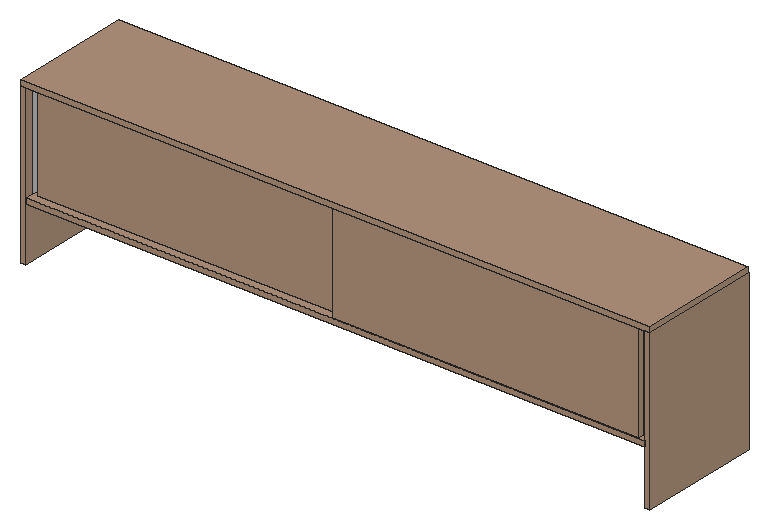
Revit family "Mounted_Storage_&_Accessories-Teknion-RSEDS_Elevated_Desktop_Cabinet_Sliding_Doors-R2019", category Furniture, Revit 2019
Family settings
  OmniClass Number = 23.40.20.00
  OmniClass Title = General Furniture and Specialties
  Work Plane-Based = No
  Always vertical = Yes
  Cut with Voids When Loaded = No
  Shared = Yes
  Room Calculation Point = No
Parameters (values of type "Single-Sided, Laminate Accessory, 16" Depth")
  Width [instance] = 84.000"
  Whiteboard = no
  Warranty = "http://www.teknion.com/ca/papers/legal-canada"
  Unit Weight URL = "http://www.teknion.com/ca/tools/assets#&asset=bee6a381-b954-425e-8283-5a2de3a804f2,f828d448-4b62-4231-9e5f-9a8991c0ed77"
  URL = "www.teknion.com"
  To render please download texture images found here [instance] = "https://assets.teknion.com/web/5e81352c1dfdb467/revit-material-swatches/"
  Sustainability Data = "https://www.teknion.com/ca/tools/assets#&topic=216f99a5-57a0-44fc-b10a-9dee9b29ae4c&asset=444deb64-fe58-4b68-981e-f75e97781df7,b4ff2d81-9f2e-437d-9659-7cffb09c31cf"
  Standard Glass Door [instance] = no
  Solid Flintwood Door [instance] = yes
  Single Sided Cover [instance] = and(Shared Configuration, [Closed With Power/Data Covers])  # no
  Shared Solid [instance] = and(Shared Configuration, not(Back Painted Glass Door))  # yes
  Shared Frame [instance] = or(Left Configuration, Right Configuration)  # no
  Shared Divider [instance] = and(or(Left Configuration, Right Configuration), not(Open Without Divider))  # no
  Shared Backpainted [instance] = and(Shared Configuration, Back Painted Glass Door)  # no
  Series = "Expansion Desking"  # constant formula
  Shared Configuration = yes
  Right Solid [instance] = and(Right Configuration, not(Back Painted Glass Door))  # no
  Right Backpainted [instance] = and(Right Configuration, Back Painted Glass Door)  # no
  Right Configuration = no
  Pull Finish [instance] = Paint - Teknion - Mica - Platinum
  Product Page URL = "https://www.teknion.com/ca/products/product-details?productLineId=ef4d336e-8e7a-673b-a6c8-ff00004460c4"
  Product Line = "Expansion Desking"  # constant formula
  Product Documentation Link = "https://www.teknion.com/pricing/expansion-desking/pdfs/RSEDS_ppg.pdf"
  Part Number = "RSEDS"  # constant formula
  Open Without Divider [instance] = no
  Model = "RSEDSSL_16__"
  Manufacturer Phone = "416-661-3370"  # constant formula
  Manufacturer Fax = "416.661.4586"  # constant formula
  Manufacturer Contact Information = "http://www.teknion.com/ca/contactus"
  Manufacturer Address = "1150 Flint Road, Toronto, ON. M3J 2J5. Canada"  # constant formula
  Manufacturer = "Teknion"  # constant formula
  Left Solid [instance] = and(Left Configuration, not(Back Painted Glass Door))  # no
  Left Backpainted [instance] = and(Left Configuration, Back Painted Glass Door)  # no
  Laminate = yes
  Left Configuration = no
  Insertion Point Reference Point [instance] = if(Shared Configuration, 0.000", 16.339" / 2)  # 0.000"
  How To Use Teknion Materials User Guide [instance] = "https://assets.teknion.com/m/205dd0a49fa58060/original/How-to-add-a-Material-Library-and-Texture-Images-to-your-Revit-project.pdf"
  For Additional Finishes please visit [instance] = "https://assets.teknion.com/m/44a8009b046e5d47/original/Teknion_Materials_Library.zip"
  Fabric = no
  Double Sided Cover [instance] = and(or(Left Configuration, Right Configuration), [Closed With Power/Data Covers])  # no
  Door Material Configuration Options [instance] = "Select one of the options below"  # constant formula
  Door Finish Note [instance] = if(Solid Flintwood Door, "Select Source Laminate Material", if(Standard Glass Door, "Select CL Clear or FT Frosted Glass Material", "Back Painted Glass Material"))  # "Select Source Laminate Material"
  Door Finish [instance] = Source Laminate - Teknion - 3M - Provincial Oak
  Description = "Elevated Desktop Cabinet - Sliding Doors, Single - Sided Configuration, Laminate Accessory, 16\" Depth"
  Cover Finish [instance] = Paint - Teknion - Mica - Platinum
  Connection Node Visibility [instance] = yes
  Closed Without Cover [instance] = yes
  Closed With Power/Data Covers [instance] = no
  Case and Divider Finish [instance] = Source Laminate - Teknion - 3M - Provincial Oak
  Base Configuration Options [instance] = if(Shared Configuration, "Select Closed Without Cover or Closed with Power/Data Covers", "Select one of the options below")  # "Select Closed Without Cover or Closed with Power/Data Covers"
  Back Painted Glass Door [instance] = no
  Available Widths [instance] = if(Shared Configuration, "30\", 36\", 42\", 48\", 54\", 60\", 66\", 72\", 78\", or 84\"", "48\", 54\", 60\", 66\", 72\", 78\", or 84\"")  # "30\", 36\", 42\", 48\", 54\", 60\", 66\", 72\", 78\", or 84\""
  Assembly Code = "E2020200"
  Accessory Finish Note = if(Whiteboard, "Select Whiteboard Material", if(Laminate, "Select Source Laminate Material", "Select Fabric Material"))  # "Select Source Laminate Material"
  Accessory Finish = Source Laminate - Teknion - 3M - Provincial Oak
Reference planes (in)
  plane 1 "Center Front/Back": y = -8.1695
  plane 2: z = 0
  plane 3 "Center Left/Right": x = 0
  plane 4 "Left": x = -42
  plane 5 "Right": x = 42
  plane 6 "Back": y = 0
  plane 7 "Front": y = -16.339
  plane 8 "Top": z = 50.7874
  plane 9: x = -21
  plane 10: x = 21
  plane 11 "Insertion Point Reference Plane": y = 0
Forms (in)
  Sweep 1, solid, material "Source Laminate - Teknion - 3M - Provincial Oak" <- "Case and Divider Finish"
    path origin (0, -8.1695, 0) x (1, 0, 0) y (0, 0, 1)
      loop
        line (0, 50.08661) -> (0, 29)
    profile origin (0, -8.1695, 39.54331) x (0, -1, 0) y (1, 0, 0)
      loop
        line (-8.1695, -42) -> (8.1695, -42) -> (8.1695, -41.29921) -> (-8.1695, -41.29921) -> (-8.1695, -42)
      loop
        line (-8.1695, 42) -> (-8.1695, 41.29921) -> (8.1695, 41.29921) -> (8.1695, 42) -> (-8.1695, 42)
  Sweep 2, solid, material "Source Laminate - Teknion - 3M - Provincial Oak" <- "Case and Divider Finish"
    path origin (0, -8.1695, 0) x (1, 0, 0) y (0, 0, 1)
      loop
        line (0, 50.08661) -> (0, 50.7874)
    profile origin (0, -8.1695, 50.43701) x (-1, 0, 0) y (0, -1, 0)
      loop
        line (42, -8.1695) -> (42, 8.1695) -> (-42, 8.1695) -> (-42, -8.1695) -> (42, -8.1695)
  Sweep 3, solid, material "Source Laminate - Teknion - 3M - Provincial Oak" <- "Case and Divider Finish", visible <- "Shared Configuration"
    path origin (0, 0, 0) x (1, 0, 0) y (0, 1, 0)
      loop
        line (-41.29921, -8.1695) -> (41.29921, -8.1695)
    profile origin (0, -8.1695, 0) x (0, 1, 0) y (0, 0, 1)
      loop
        line (8.14981, 50.08661) -> (6.84667, 50.08661) -> (6.84667, 37.01575) -> (-8.1695, 37.01575) -> (-8.1695, 36.28346) -> (7.44903, 36.28346) -> (7.44903, 29) -> (8.14981, 29) -> (8.14981, 50.08661)
  Sweep 4, solid, material "Source Laminate - Teknion - 3M - Provincial Oak" <- "Case and Divider Finish", visible <- "Shared Configuration"
    path origin (0, -8.1695, 0) x (1, 0, 0) y (0, 0, 1)
      loop
        line (0, 37.01575) -> (0, 50.08661)
    profile origin (0, -8.1695, 43.55118) x (-1, 0, 0) y (0, -1, 0)
      loop
        line (0.35039, -6.84667) -> (0.35039, 6.36471) -> (-0.35039, 6.36471) -> (-0.35039, -6.84667) -> (0.35039, -6.84667)
  Sweep 5, solid, material "Paint - Teknion - Mica - Platinum" <- "Pull Finish", visible <- "Shared Configuration"
    path origin (0, -8.1695, 0) x (1, 0, 0) y (0, 0, 1)
      loop
        line (0, 37.01575) -> (0, 50.08661)
    profile origin (0, -8.1695, 43.55118) x (-1, 0, 0) y (0, -1, 0)
      loop
        line (41.29921, 7.17052) -> (41.16142, 7.17052) -> (41.16142, 6.48302) -> (39.88189, 6.48302) -> (39.88189, 6.36491) -> (41.29921, 6.36491) -> (41.29921, 7.17052)
      loop
        line (-41.29921, 8.10999) -> (-41.29921, 7.30438) -> (-39.88189, 7.30438) -> (-39.88189, 7.42249) -> (-41.16142, 7.42249) -> (-41.16142, 8.10999) -> (-41.29921, 8.10999)
  Sweep 6, solid, material "Source Laminate - Teknion - 3M - Provincial Oak" <- "Door Finish", visible <- "Shared Solid"
    path origin (0, -8.1695, 0) x (1, 0, 0) y (0, 0, 1)
      loop
        line (0, 37.01575) -> (0, 50.08661)
    profile origin (0, -8.1695, 43.55118) x (-1, 0, 0) y (0, -1, 0)
      loop
        line (40.47244, 6.48302) -> (40.47244, 7.17052) -> (-0.35433, 7.17052) -> (-0.35433, 6.48302) -> (40.47244, 6.48302)
      loop
        line (0.35433, 7.42249) -> (0.35433, 8.10999) -> (-40.47244, 8.10999) -> (-40.47244, 7.42249) -> (0.35433, 7.42249)
  Sweep 7, solid, material "Paint - Teknion - Mica - Platinum" <- "Cover Finish", visible <- "Single Sided Cover"
    path origin (0, -8.1695, 0) x (1, 0, 0) y (0, 0, 1)
      loop
        line (0, 29) -> (0, 36.28346)
    profile origin (0, -8.1695, 32.64173) x (-1, 0, 0) y (0, -1, 0)
      loop
        line (37.24803, -3.41753) -> (37.24803, -7.44903) -> (41.29921, -7.44903) -> (41.29921, -3.41753) -> (37.24803, -3.41753)
      loop
        line (-37.24803, -3.41753) -> (-41.29921, -3.41753) -> (-41.29921, -7.44903) -> (-37.24803, -7.44903) -> (-37.24803, -3.41753)
  Sweep 8, solid, material "Source Laminate - Teknion - 3M - Provincial Oak" <- "Case and Divider Finish", visible <- "Shared Divider"
    path origin (0, -8.1695, 0) x (1, 0, 0) y (0, 0, 1)
      loop
        line (0, 29) -> (0, 36.28346)
    profile origin (0, -8.1695, 32.64173) x (-1, 0, 0) y (0, -1, 0)
      loop
        line (41.29921, -0.3506) -> (41.29921, 0.35018) -> (-41.29921, 0.35018) -> (-41.29921, -0.3506) -> (41.29921, -0.3506)
  Sweep 9, solid, material "Paint - Teknion - Mica - Platinum" <- "Cover Finish", visible <- "Double Sided Cover"
    path origin (0, -8.1695, 0) x (1, 0, 0) y (0, 0, 1)
      loop
        line (0, 29) -> (0, 36.28346)
    profile origin (0, -8.1695, 32.64173) x (-1, 0, 0) y (0, -1, 0)
      loop
        line (41.29921, -4.75218) -> (41.29921, -0.3506) -> (37.24803, -0.3506) -> (37.24803, -4.75218) -> (41.29921, -4.75218)
      loop
        line (41.29921, 4.75176) -> (37.24803, 4.75176) -> (37.24803, 0.35018) -> (41.29921, 0.35018) -> (41.29921, 4.75176)
      loop
        line (-41.29921, -4.75218) -> (-37.24803, -4.75218) -> (-37.24803, -0.3506) -> (-41.29921, -0.3506) -> (-41.29921, -4.75218)
      loop
        line (-41.29921, 4.75176) -> (-41.29921, 0.35018) -> (-37.24803, 0.35018) -> (-37.24803, 4.75176) -> (-41.29921, 4.75176)
  Sweep 10, solid, material "Source Laminate - Teknion - 3M - Provincial Oak" <- "Case and Divider Finish", visible <- "Shared Frame"
    path origin (0, -8.1695, 0) x (1, 0, 0) y (0, 0, 1)
      loop
        line (0, 37.01575) -> (0, 50.08661)
    profile origin (0, -8.1695, 43.55118) x (-1, 0, 0) y (0, -1, 0)
      loop
        line (0.35039, 6.51554) -> (-0.35039, 6.51554) -> (-0.35039, -6.51596) -> (0.35039, -6.51596) -> (0.35039, 6.51554)
  Sweep 11, solid, material "Source Laminate - Teknion - 3M - Provincial Oak" <- "Case and Divider Finish", visible <- "Shared Frame"
    path origin (0, -8.1695, 0) x (1, 0, 0) y (0, 0, 1)
      loop
        line (0, 36.28346) -> (0, 37.01575)
    profile origin (0, -8.1695, 36.64961) x (-1, 0, 0) y (0, -1, 0)
      loop
        line (41.29921, -8.1695) -> (41.29921, 8.1695) -> (-41.29921, 8.1695) -> (-41.29921, -8.1695) -> (41.29921, -8.1695)
  Sweep 12, solid, material "Source Laminate - Teknion - 3M - Provincial Oak" <- "Case and Divider Finish", visible <- "Left Configuration"
    path origin (0, -8.1695, 0) x (1, 0, 0) y (0, 0, 1)
      loop
        line (0, 50.08661) -> (0, 37.01575)
    profile origin (0, -8.1695, 43.55118) x (0, -1, 0) y (1, 0, 0)
      loop
        line (-6.51596, 0.35039) -> (-7.21674, 0.35039) -> (-7.21674, -41.29921) -> (-6.51596, -41.29921) -> (-6.51596, 0.35039)
      loop
        line (6.51554, -0.35039) -> (7.21633, -0.35039) -> (7.21633, 41.29921) -> (6.51554, 41.29921) -> (6.51554, -0.35039)
  Sweep 13, solid, material "Paint - Teknion - Mica - Platinum" <- "Pull Finish", visible <- "Left Configuration"
    path origin (0, -8.1695, 0) x (1, 0, 0) y (0, 0, 1)
      loop
        line (0, 37.01575) -> (0, 50.08661)
    profile origin (0, -8.1695, 43.55118) x (-1, 0, 0) y (0, -1, 0)
      loop
        line (-0.35039, -7.17098) -> (-0.35039, -6.36537) -> (-1.76772, -6.36537) -> (-1.76772, -6.48348) -> (-0.48819, -6.48348) -> (-0.48819, -7.17098) -> (-0.35039, -7.17098)
      loop
        line (0.35039, 7.17098) -> (0.35039, 6.36537) -> (1.76772, 6.36537) -> (1.76772, 6.48348) -> (0.48819, 6.48348) -> (0.48819, 7.17098) -> (0.35039, 7.17098)
      loop
        line (-41.29921, -8.11044) -> (-41.16142, -8.11044) -> (-41.16142, -7.42294) -> (-39.88189, -7.42294) -> (-39.88189, -7.30483) -> (-41.29921, -7.30483) -> (-41.29921, -8.11044)
      loop
        line (41.29921, 8.11044) -> (41.16142, 8.11044) -> (41.16142, 7.42294) -> (39.88189, 7.42294) -> (39.88189, 7.30483) -> (41.29921, 7.30483) -> (41.29921, 8.11044)
  Sweep 14, solid, material "Source Laminate - Teknion - 3M - Provincial Oak" <- "Door Finish", visible <- "Left Solid"
    path origin (0, -8.1695, 0) x (1, 0, 0) y (0, 0, 1)
      loop
        line (0, 37.01575) -> (0, 50.08661)
    profile origin (0, -8.1695, 43.55118) x (-1, 0, 0) y (0, -1, 0)
      loop
        line (21.17913, 6.48302) -> (21.17913, 7.17052) -> (1.17717, 7.17052) -> (1.17717, 6.48302) -> (21.17913, 6.48302)
      loop
        line (40.47244, 7.42294) -> (40.47244, 8.11003) -> (20.47047, 8.11003) -> (20.47047, 7.42294) -> (40.47244, 7.42294)
      loop
        line (-21.17913, -6.48302) -> (-21.17913, -7.17052) -> (-1.17717, -7.17052) -> (-1.17717, -6.48302) -> (-21.17913, -6.48302)
      loop
        line (-40.47244, -7.42294) -> (-40.47244, -8.11003) -> (-20.47047, -8.11003) -> (-20.47047, -7.42294) -> (-40.47244, -7.42294)
  Sweep 15, solid, material "Source Laminate - Teknion - 3M - Provincial Oak" <- "Accessory Finish", visible <- "Left Configuration"
    path origin (0, -8.1695, 0) x (1, 0, 0) y (0, 0, 1)
      loop
        line (0, 37.01575) -> (0, 50.08661)
    profile origin (0, -8.1695, 43.55118) x (-1, 0, 0) y (0, -1, 0)
      loop
        line (0.35039, 7.2557) -> (0.35039, 7.95648) -> (-41.29921, 7.95648) -> (-41.29921, 7.2557) -> (0.35039, 7.2557)
      loop
        line (-0.35039, -7.25611) -> (-0.35039, -7.9569) -> (41.29921, -7.9569) -> (41.29921, -7.25611) -> (-0.35039, -7.25611)
  Sweep 16, solid, material "Paint - Teknion - Mica - Platinum" <- "Pull Finish", visible <- "Right Configuration"
    path origin (0, -8.1695, 0) x (1, 0, 0) y (0, 0, 1)
      loop
        line (0, 50.08661) -> (0, 37.01575)
    profile origin (0, -8.1695, 43.55118) x (0, -1, 0) y (1, 0, 0)
      loop
        line (6.36537, 0.35039) -> (7.17098, 0.35039) -> (7.17098, 0.48819) -> (6.48348, 0.48819) -> (6.48348, 1.76772) -> (6.36537, 1.76772) -> (6.36537, 0.35039)
      loop
        line (7.30483, 39.88189) -> (7.42294, 39.88189) -> (7.42294, 41.16142) -> (8.11044, 41.16142) -> (8.11044, 41.29921) -> (7.30483, 41.29921) -> (7.30483, 39.88189)
      loop
        line (-6.36537, -0.35039) -> (-7.17098, -0.35039) -> (-7.17098, -0.48819) -> (-6.48348, -0.48819) -> (-6.48348, -1.76772) -> (-6.36537, -1.76772) -> (-6.36537, -0.35039)
      loop
        line (-7.30483, -39.88189) -> (-7.42294, -39.88189) -> (-7.42294, -41.16142) -> (-8.11044, -41.16142) -> (-8.11044, -41.29921) -> (-7.30483, -41.29921) -> (-7.30483, -39.88189)
  Sweep 17, solid, material "Source Laminate - Teknion - 3M - Provincial Oak" <- "Case and Divider Finish", visible <- "Right Configuration"
    path origin (0, -8.1695, 0) x (1, 0, 0) y (0, 0, 1)
      loop
        line (0, 37.01575) -> (0, 50.08661)
    profile origin (0, -8.1695, 43.55118) x (-1, 0, 0) y (0, -1, 0)
      loop
        line (-0.35039, 6.51554) -> (41.29921, 6.51554) -> (41.29921, 7.21633) -> (-0.35039, 7.21633) -> (-0.35039, 6.51554)
      loop
        line (0.35039, -6.51554) -> (-41.29921, -6.51554) -> (-41.29921, -7.21633) -> (0.35039, -7.21633) -> (0.35039, -6.51554)
  Sweep 18, solid, material "Source Laminate - Teknion - 3M - Provincial Oak" <- "Accessory Finish", visible <- "Right Configuration"
    path origin (0, -8.1695, 0) x (1, 0, 0) y (0, 0, 1)
      loop
        line (0, 50.08661) -> (0, 37.01575)
    profile origin (0, -8.1695, 43.55118) x (0, -1, 0) y (1, 0, 0)
      loop
        line (7.2557, 0.35039) -> (7.2557, -41.29921) -> (7.95648, -41.29921) -> (7.95648, 0.35039) -> (7.2557, 0.35039)
      loop
        line (-7.25611, -0.35039) -> (-7.25611, 41.29921) -> (-7.9569, 41.29921) -> (-7.9569, -0.35039) -> (-7.25611, -0.35039)
  Sweep 19, solid, material "Source Laminate - Teknion - 3M - Provincial Oak" <- "Door Finish", visible <- "Right Solid"
    path origin (0, -8.1695, 0) x (1, 0, 0) y (0, 0, 1)
      loop
        line (0, 37.01575) -> (0, 50.08661)
    profile origin (0, -8.1695, 43.55118) x (-1, 0, 0) y (0, -1, 0)
      loop
        line (-21.17913, 6.48302) -> (-1.17717, 6.48302) -> (-1.17717, 7.17052) -> (-21.17913, 7.17052) -> (-21.17913, 6.48302)
      loop
        line (-40.47244, 7.42294) -> (-20.47047, 7.42294) -> (-20.47047, 8.11003) -> (-40.47244, 8.11003) -> (-40.47244, 7.42294)
      loop
        line (21.17913, -6.48302) -> (1.17717, -6.48302) -> (1.17717, -7.17052) -> (21.17913, -7.17052) -> (21.17913, -6.48302)
      loop
        line (40.47244, -7.42294) -> (20.47047, -7.42294) -> (20.47047, -8.11003) -> (40.47244, -8.11003) -> (40.47244, -7.42294)
  Sweep 20, solid, material "Source Laminate - Teknion - 3M - Provincial Oak" <- "Door Finish", visible <- "Left Backpainted"
    path origin (0, -8.1695, 0) x (1, 0, 0) y (0, 0, 1)
      loop
        line (0, 37.01575) -> (0, 50.08661)
    profile origin (0, -8.1695, 43.55118) x (-1, 0, 0) y (0, -1, 0)
      loop
        line (20.47047, 7.42294) -> (40.47244, 7.42294) -> (40.47244, 7.46294) -> (20.47047, 7.46294) -> (20.47047, 7.42294)
      loop
        line (1.17717, 6.48302) -> (21.17913, 6.48302) -> (21.17913, 6.52302) -> (1.17717, 6.52302) -> (1.17717, 6.48302)
      loop
        line (-20.47047, -7.42294) -> (-40.47244, -7.42294) -> (-40.47244, -7.46294) -> (-20.47047, -7.46294) -> (-20.47047, -7.42294)
      loop
        line (-1.17717, -6.48302) -> (-21.17913, -6.48302) -> (-21.17913, -6.52302) -> (-1.17717, -6.52302) -> (-1.17717, -6.48302)
  Sweep 21, solid, material "Glass - Teknion - CL - Clear", visible <- "Left Backpainted"
    path origin (0, -8.1695, 0) x (1, 0, 0) y (0, 0, 1)
      loop
        line (0, 37.01575) -> (0, 50.08661)
    profile origin (0, -8.1695, 43.55118) x (-1, 0, 0) y (0, -1, 0)
      loop
        line (40.47244, 7.46752) -> (40.47244, 8.11003) -> (20.47047, 8.11003) -> (20.47047, 7.46752) -> (40.47244, 7.46752)
      loop
        line (21.17913, 6.52802) -> (21.17913, 7.17052) -> (1.17717, 7.17052) -> (1.17717, 6.52802) -> (21.17913, 6.52802)
      loop
        line (-40.47244, -7.46752) -> (-40.47244, -8.11003) -> (-20.47047, -8.11003) -> (-20.47047, -7.46752) -> (-40.47244, -7.46752)
      loop
        line (-21.17913, -6.52802) -> (-21.17913, -7.17052) -> (-1.17717, -7.17052) -> (-1.17717, -6.52802) -> (-21.17913, -6.52802)
  Sweep 22, solid, material "Source Laminate - Teknion - 3M - Provincial Oak" <- "Door Finish", visible <- "Right Backpainted"
    path origin (0, -8.1695, 0) x (1, 0, 0) y (0, 0, 1)
      loop
        line (0, 37.01575) -> (0, 50.08661)
    profile origin (0, -8.1695, 43.55118) x (-1, 0, 0) y (0, -1, 0)
      loop
        line (-20.47047, 7.42294) -> (-20.47047, 7.46294) -> (-40.47244, 7.46294) -> (-40.47244, 7.42294) -> (-20.47047, 7.42294)
      loop
        line (-1.17717, 6.48302) -> (-1.17717, 6.52302) -> (-21.17913, 6.52302) -> (-21.17913, 6.48302) -> (-1.17717, 6.48302)
      loop
        line (20.47047, -7.42294) -> (20.47047, -7.46294) -> (40.47244, -7.46294) -> (40.47244, -7.42294) -> (20.47047, -7.42294)
      loop
        line (1.17717, -6.48302) -> (1.17717, -6.52302) -> (21.17913, -6.52302) -> (21.17913, -6.48302) -> (1.17717, -6.48302)
  Sweep 23, solid, material "Glass - Teknion - CL - Clear", visible <- "Right Backpainted"
    path origin (0, -8.1695, 0) x (1, 0, 0) y (0, 0, 1)
      loop
        line (0, 37.01575) -> (0, 50.08661)
    profile origin (0, -8.1695, 43.55118) x (-1, 0, 0) y (0, -1, 0)
      loop
        line (-40.47244, 7.46752) -> (-20.47047, 7.46752) -> (-20.47047, 8.11003) -> (-40.47244, 8.11003) -> (-40.47244, 7.46752)
      loop
        line (-21.17913, 6.52802) -> (-1.17717, 6.52802) -> (-1.17717, 7.17052) -> (-21.17913, 7.17052) -> (-21.17913, 6.52802)
      loop
        line (40.47244, -7.46752) -> (20.47047, -7.46752) -> (20.47047, -8.11003) -> (40.47244, -8.11003) -> (40.47244, -7.46752)
      loop
        line (21.17913, -6.52802) -> (1.17717, -6.52802) -> (1.17717, -7.17052) -> (21.17913, -7.17052) -> (21.17913, -6.52802)
  Sweep 24, solid, material "Source Laminate - Teknion - 3M - Provincial Oak" <- "Door Finish", visible <- "Shared Backpainted"
    path origin (0, -8.1695, 0) x (1, 0, 0) y (0, 0, 1)
      loop
        line (0, 37.01575) -> (0, 50.08661)
    profile origin (0, -8.1695, 43.55118) x (-1, 0, 0) y (0, -1, 0)
      loop
        line (40.47244, 6.52302) -> (-0.35433, 6.52302) -> (-0.35433, 6.48302) -> (40.47244, 6.48302) -> (40.47244, 6.52302)
      loop
        line (0.35433, 7.46249) -> (-40.47244, 7.46249) -> (-40.47244, 7.42249) -> (0.35433, 7.42249) -> (0.35433, 7.46249)
  Sweep 25, solid, material "Glass - Teknion - CL - Clear", visible <- "Shared Backpainted"
    path origin (0, -8.1695, 0) x (1, 0, 0) y (0, 0, 1)
      loop
        line (0, 37.01575) -> (0, 50.08661)
    profile origin (0, -8.1695, 43.55118) x (-1, 0, 0) y (0, -1, 0)
      loop
        line (40.47244, 6.52802) -> (40.47244, 7.17052) -> (-0.35433, 7.17052) -> (-0.35433, 6.52802) -> (40.47244, 6.52802)
      loop
        line (0.35433, 7.46749) -> (0.35433, 8.10999) -> (-40.47244, 8.10999) -> (-40.47244, 7.46749) -> (0.35433, 7.46749)
Lines and regions (in)
  Masking region 1
    outline origin (0, 0, 0) x (1, 0, 0) y (0, 1, 0)
      loop
        line (-42, 0) -> (-42, -16.339) -> (42, -16.339) -> (42, 0) -> (-42, 0)
  reference lines
    curve 1: line (42, 0, 0) -> (42, -16.339, 0)
    curve 2: line (-42, 0, 0) -> (-42, -16.339, 0)
  symbolic lines, style "FurnitureHiddenLines"
    curve 3: line (-41.29921, -16.339, 0) -> (-41.29921, -0.01969, 0)
    curve 4: line (41.29921, -0.01969, 0) -> (41.29921, -16.339, 0)
  symbolic lines, style "FurnitureHiddenLines", visible <- "Shared Divider", detail levels medium+fine
    curve 5: line (-41.29921, -8.51968, 0) -> (41.29921, -8.51968, 0)
    curve 6: line (41.29921, -8.51968, 0) -> (41.29921, -7.8189, 0)
    curve 7: line (41.29921, -7.8189, 0) -> (-41.29921, -7.8189, 0)
    curve 8: line (-41.29921, -7.8189, 0) -> (-41.29921, -8.51968, 0)
  symbolic lines, style "FurnitureHiddenLines", visible <- "Shared Configuration", detail levels medium+fine
    curve 9: line (-41.29921, -1.32283, 0) -> (41.29921, -1.32283, 0)
    curve 10: line (41.29921, -0.01969, 0) -> (-41.29921, -0.01969, 0)
    curve 11: line (0.35039, -14.53421, 0) -> (0.35039, -1.32283, 0)
    curve 12: line (0.35039, -1.32283, 0) -> (-0.35039, -1.32283, 0)
    curve 13: line (-0.35039, -1.32283, 0) -> (-0.35039, -14.53421, 0)
    curve 14: line (-0.35039, -14.53421, 0) -> (0.35039, -14.53421, 0)
    curve 123: line (-41.16142, -15.34002, 0) -> (-41.16142, -14.65252, 0)
    curve 124: line (-41.16142, -14.65252, 0) -> (-39.88189, -14.65252, 0)
    curve 125: line (-39.88189, -14.65252, 0) -> (-39.88189, -14.53441, 0)
    curve 126: line (-39.88189, -14.53441, 0) -> (-41.29921, -14.53441, 0)
    curve 127: line (-41.29921, -14.53441, 0) -> (-41.29921, -15.34002, 0)
    curve 128: line (-41.29921, -15.34002, 0) -> (-41.16142, -15.34002, 0)
    curve 129: line (41.29921, -15.47388, 0) -> (39.88189, -15.47388, 0)
    curve 130: line (39.88189, -15.47388, 0) -> (39.88189, -15.59199, 0)
    curve 131: line (39.88189, -15.59199, 0) -> (41.16142, -15.59199, 0)
    curve 132: line (41.16142, -15.59199, 0) -> (41.16142, -16.27949, 0)
    curve 133: line (41.16142, -16.27949, 0) -> (41.29921, -16.27949, 0)
    curve 134: line (41.29921, -16.27949, 0) -> (41.29921, -15.47388, 0)
    curve 135: line (-40.47244, -15.34002, 0) -> (0.35433, -15.34002, 0)
    curve 136: line (0.35433, -15.34002, 0) -> (0.35433, -14.65252, 0)
    curve 137: line (0.35433, -14.65252, 0) -> (-40.47244, -14.65252, 0)
    curve 138: line (-40.47244, -14.65252, 0) -> (-40.47244, -15.34002, 0)
    curve 139: line (-0.35433, -16.27949, 0) -> (40.47244, -16.27949, 0)
    curve 140: line (40.47244, -16.27949, 0) -> (40.47244, -15.59199, 0)
    curve 141: line (40.47244, -15.59199, 0) -> (-0.35433, -15.59199, 0)
    curve 142: line (-0.35433, -15.59199, 0) -> (-0.35433, -16.27949, 0)
  symbolic lines, style "FurnitureHiddenLines", visible <- "Shared Frame", detail levels medium+fine
    curve 15: line (-0.35039, -1.65354, 0) -> (-0.35039, -14.68504, 0)
    curve 16: line (-0.35039, -14.68504, 0) -> (0.35039, -14.68504, 0)
    curve 17: line (0.35039, -14.68504, 0) -> (0.35039, -1.65354, 0)
    curve 18: line (0.35039, -1.65354, 0) -> (-0.35039, -1.65354, 0)
  symbolic lines, style "FurnitureHiddenLines", visible <- "Double Sided Cover", detail levels medium+fine
    curve 19: line (37.24803, -3.41732, 0) -> (37.24803, -7.8189, 0)
    curve 20: line (37.24803, -7.8189, 0) -> (41.29921, -7.8189, 0)
    curve 21: line (41.29921, -7.8189, 0) -> (41.29921, -3.41732, 0)
    curve 22: line (41.29921, -3.41732, 0) -> (37.24803, -3.41732, 0)
    curve 23: line (37.24803, -12.92126, 0) -> (41.29921, -12.92126, 0)
    curve 24: line (41.29921, -12.92126, 0) -> (41.29921, -8.51968, 0)
    curve 25: line (41.29921, -8.51968, 0) -> (37.24803, -8.51968, 0)
    curve 26: line (37.24803, -8.51968, 0) -> (37.24803, -12.92126, 0)
    curve 27: line (-41.29921, -7.8189, 0) -> (-37.24803, -7.8189, 0)
    curve 28: line (-37.24803, -7.8189, 0) -> (-37.24803, -3.41732, 0)
    curve 29: line (-37.24803, -3.41732, 0) -> (-41.29921, -3.41732, 0)
    curve 30: line (-41.29921, -3.41732, 0) -> (-41.29921, -7.8189, 0)
    curve 31: line (-41.29921, -12.92126, 0) -> (-37.24803, -12.92126, 0)
    curve 32: line (-37.24803, -12.92126, 0) -> (-37.24803, -8.51968, 0)
    curve 33: line (-37.24803, -8.51968, 0) -> (-41.29921, -8.51968, 0)
    curve 34: line (-41.29921, -8.51968, 0) -> (-41.29921, -12.92126, 0)
  symbolic lines, style "FurnitureHiddenLines", visible <- "Single Sided Cover", detail levels medium+fine
    curve 35: line (-37.24803, -0.72047, 0) -> (-41.29921, -0.72047, 0)
    curve 36: line (-41.29921, -0.72047, 0) -> (-41.29921, -4.75197, 0)
    curve 37: line (-41.29921, -4.75197, 0) -> (-37.24803, -4.75197, 0)
    curve 38: line (-37.24803, -4.75197, 0) -> (-37.24803, -0.72047, 0)
    curve 39: line (37.24803, -0.72047, 0) -> (37.24803, -4.75197, 0)
    curve 40: line (37.24803, -4.75197, 0) -> (41.29921, -4.75197, 0)
    curve 41: line (41.29921, -4.75197, 0) -> (41.29921, -0.72047, 0)
    curve 42: line (41.29921, -0.72047, 0) -> (37.24803, -0.72047, 0)
  symbolic lines, style "FurnitureHiddenLines", visible <- "Right Configuration", detail levels medium+fine
    curve 43: line (-41.29921, -0.05906, 0) -> (-41.29921, -0.86467, 0)
    curve 44: line (-41.29921, -0.86467, 0) -> (-39.88189, -0.86467, 0)
    curve 45: line (-39.88189, -0.86467, 0) -> (-39.88189, -0.74656, 0)
    curve 46: line (-39.88189, -0.74656, 0) -> (-41.16142, -0.74656, 0)
    curve 47: line (-41.16142, -0.74656, 0) -> (-41.16142, -0.05906, 0)
    curve 48: line (-41.16142, -0.05906, 0) -> (-41.29921, -0.05906, 0)
    curve 49: line (-0.35039, -1.80413, 0) -> (-0.35039, -0.99852, 0)
    curve 50: line (-0.35039, -0.99852, 0) -> (-0.48819, -0.99852, 0)
    curve 51: line (-0.48819, -0.99852, 0) -> (-0.48819, -1.68602, 0)
    curve 52: line (-0.48819, -1.68602, 0) -> (-1.76772, -1.68602, 0)
    curve 53: line (-1.76772, -1.68602, 0) -> (-1.76772, -1.80413, 0)
    curve 54: line (-1.76772, -1.80413, 0) -> (-0.35039, -1.80413, 0)
    curve 67: line (41.29921, -16.27994, 0) -> (41.29921, -15.47433, 0)
    curve 68: line (41.29921, -15.47433, 0) -> (39.88189, -15.47433, 0)
    curve 69: line (39.88189, -15.47433, 0) -> (39.88189, -15.59244, 0)
    curve 70: line (39.88189, -15.59244, 0) -> (41.16142, -15.59244, 0)
    curve 71: line (41.16142, -15.59244, 0) -> (41.16142, -16.27994, 0)
    curve 72: line (41.16142, -16.27994, 0) -> (41.29921, -16.27994, 0)
    curve 73: line (1.76772, -14.53487, 0) -> (0.35039, -14.53487, 0)
    curve 74: line (0.35039, -14.53487, 0) -> (0.35039, -15.34048, 0)
    curve 75: line (0.35039, -15.34048, 0) -> (0.48819, -15.34048, 0)
    curve 76: line (0.48819, -15.34048, 0) -> (0.48819, -14.65298, 0)
    curve 77: line (0.48819, -14.65298, 0) -> (1.76772, -14.65298, 0)
    curve 78: line (1.76772, -14.65298, 0) -> (1.76772, -14.53487, 0)
    curve 91: line (-20.47047, -0.05947, 0) -> (-40.47244, -0.05947, 0)
    curve 92: line (-40.47244, -0.05947, 0) -> (-40.47244, -0.74656, 0)
    curve 93: line (-40.47244, -0.74656, 0) -> (-20.47047, -0.74656, 0)
    curve 94: line (-20.47047, -0.74656, 0) -> (-20.47047, -0.05947, 0)
    curve 95: line (-21.17913, -1.68648, 0) -> (-1.17717, -1.68648, 0)
    curve 96: line (-1.17717, -1.68648, 0) -> (-1.17717, -0.99898, 0)
    curve 97: line (-1.17717, -0.99898, 0) -> (-21.17913, -0.99898, 0)
    curve 98: line (-21.17913, -0.99898, 0) -> (-21.17913, -1.68648, 0)
    curve 107: line (40.47244, -15.59244, 0) -> (20.47047, -15.59244, 0)
    curve 108: line (20.47047, -15.59244, 0) -> (20.47047, -16.27953, 0)
    curve 109: line (20.47047, -16.27953, 0) -> (40.47244, -16.27953, 0)
    curve 110: line (40.47244, -16.27953, 0) -> (40.47244, -15.59244, 0)
    curve 111: line (21.17913, -14.65252, 0) -> (1.17717, -14.65252, 0)
    curve 112: line (1.17717, -14.65252, 0) -> (1.17717, -15.34002, 0)
    curve 113: line (1.17717, -15.34002, 0) -> (21.17913, -15.34002, 0)
    curve 114: line (21.17913, -15.34002, 0) -> (21.17913, -14.65252, 0)
    curve 159: line (41.29921, -0.2126, 0) -> (-0.35039, -0.2126, 0)
    curve 160: line (-0.35039, -0.2126, 0) -> (-0.35039, -0.91339, 0)
    curve 161: line (-0.35039, -0.91339, 0) -> (41.29921, -0.91339, 0)
    curve 162: line (41.29921, -0.91339, 0) -> (41.29921, -0.2126, 0)
    curve 163: line (41.29921, -0.2126, 0) -> (-0.35039, -0.2126, 0)
    curve 164: line (-0.35039, -0.2126, 0) -> (-0.35039, -0.91339, 0)
    curve 165: line (-0.35039, -0.91339, 0) -> (41.29921, -0.91339, 0)
    curve 166: line (41.29921, -0.91339, 0) -> (41.29921, -0.2126, 0)
    curve 167: line (-0.35039, -1.65396, 0) -> (41.29921, -1.65396, 0)
    curve 168: line (41.29921, -1.65396, 0) -> (41.29921, -0.95317, 0)
    curve 169: line (41.29921, -0.95317, 0) -> (-0.35039, -0.95317, 0)
    curve 170: line (-0.35039, -0.95317, 0) -> (-0.35039, -1.65396, 0)
    curve 171: line (0.35039, -14.68504, 0) -> (-41.29921, -14.68504, 0)
    curve 172: line (-41.29921, -14.68504, 0) -> (-41.29921, -15.38583, 0)
    curve 173: line (-41.29921, -15.38583, 0) -> (0.35039, -15.38583, 0)
    curve 174: line (0.35039, -15.38583, 0) -> (0.35039, -14.68504, 0)
    curve 175: line (-41.29921, -16.12598, 0) -> (0.35039, -16.12598, 0)
    curve 176: line (0.35039, -16.12598, 0) -> (0.35039, -15.4252, 0)
    curve 177: line (0.35039, -15.4252, 0) -> (-41.29921, -15.4252, 0)
    curve 178: line (-41.29921, -15.4252, 0) -> (-41.29921, -16.12598, 0)
  symbolic lines, style "FurnitureHiddenLines", visible <- "Left Configuration", detail levels medium+fine
    curve 55: line (0.48819, -1.68602, 0) -> (0.48819, -0.99852, 0)
    curve 56: line (0.48819, -0.99852, 0) -> (0.35039, -0.99852, 0)
    curve 57: line (0.35039, -0.99852, 0) -> (0.35039, -1.80413, 0)
    curve 58: line (0.35039, -1.80413, 0) -> (1.76772, -1.80413, 0)
    curve 59: line (1.76772, -1.80413, 0) -> (1.76772, -1.68602, 0)
    curve 60: line (1.76772, -1.68602, 0) -> (0.48819, -1.68602, 0)
    curve 61: line (41.16142, -0.74656, 0) -> (39.88189, -0.74656, 0)
    curve 62: line (39.88189, -0.74656, 0) -> (39.88189, -0.86467, 0)
    curve 63: line (39.88189, -0.86467, 0) -> (41.29921, -0.86467, 0)
    curve 64: line (41.29921, -0.86467, 0) -> (41.29921, -0.05906, 0)
    curve 65: line (41.29921, -0.05906, 0) -> (41.16142, -0.05906, 0)
    curve 66: line (41.16142, -0.05906, 0) -> (41.16142, -0.74656, 0)
    curve 79: line (-1.76772, -14.65298, 0) -> (-0.48819, -14.65298, 0)
    curve 80: line (-0.48819, -14.65298, 0) -> (-0.48819, -15.34048, 0)
    curve 81: line (-0.48819, -15.34048, 0) -> (-0.35039, -15.34048, 0)
    curve 82: line (-0.35039, -15.34048, 0) -> (-0.35039, -14.53487, 0)
    curve 83: line (-0.35039, -14.53487, 0) -> (-1.76772, -14.53487, 0)
    curve 84: line (-1.76772, -14.53487, 0) -> (-1.76772, -14.65298, 0)
    curve 85: line (-41.16142, -16.27994, 0) -> (-41.16142, -15.59244, 0)
    curve 86: line (-41.16142, -15.59244, 0) -> (-39.88189, -15.59244, 0)
    curve 87: line (-39.88189, -15.59244, 0) -> (-39.88189, -15.47433, 0)
    curve 88: line (-39.88189, -15.47433, 0) -> (-41.29921, -15.47433, 0)
    curve 89: line (-41.29921, -15.47433, 0) -> (-41.29921, -16.27994, 0)
    curve 90: line (-41.29921, -16.27994, 0) -> (-41.16142, -16.27994, 0)
    curve 99: line (21.17913, -0.99898, 0) -> (1.17717, -0.99898, 0)
    curve 100: line (1.17717, -0.99898, 0) -> (1.17717, -1.68648, 0)
    curve 101: line (1.17717, -1.68648, 0) -> (21.17913, -1.68648, 0)
    curve 102: line (21.17913, -1.68648, 0) -> (21.17913, -0.99898, 0)
    curve 103: line (40.47244, -0.05947, 0) -> (20.47047, -0.05947, 0)
    curve 104: line (20.47047, -0.05947, 0) -> (20.47047, -0.74656, 0)
    curve 105: line (20.47047, -0.74656, 0) -> (40.47244, -0.74656, 0)
    curve 106: line (40.47244, -0.74656, 0) -> (40.47244, -0.05947, 0)
    curve 115: line (-1.17717, -14.65252, 0) -> (-21.17913, -14.65252, 0)
    curve 116: line (-21.17913, -14.65252, 0) -> (-21.17913, -15.34002, 0)
    curve 117: line (-21.17913, -15.34002, 0) -> (-1.17717, -15.34002, 0)
    curve 118: line (-1.17717, -15.34002, 0) -> (-1.17717, -14.65252, 0)
    curve 119: line (-20.47047, -15.59244, 0) -> (-40.47244, -15.59244, 0)
    curve 120: line (-40.47244, -16.27953, 0) -> (-20.47047, -16.27953, 0)
    curve 121: line (-20.47047, -16.27953, 0) -> (-20.47047, -15.59244, 0)
    curve 122: line (-40.47244, -15.59244, 0) -> (-40.47244, -16.27953, 0)
    curve 143: line (-41.29921, -0.91339, 0) -> (0.35039, -0.91339, 0)
    curve 144: line (0.35039, -0.91339, 0) -> (0.35039, -0.2126, 0)
    curve 145: line (0.35039, -0.2126, 0) -> (-41.29921, -0.2126, 0)
    curve 146: line (-41.29921, -0.2126, 0) -> (-41.29921, -0.91339, 0)
    curve 147: line (-41.29921, -1.65354, 0) -> (0.35039, -1.65354, 0)
    curve 148: line (0.35039, -1.65354, 0) -> (0.35039, -0.95276, 0)
    curve 149: line (0.35039, -0.95276, 0) -> (-41.29921, -0.95276, 0)
    curve 150: line (-41.29921, -0.95276, 0) -> (-41.29921, -1.65354, 0)
    curve 151: line (41.29921, -14.68504, 0) -> (-0.35039, -14.68504, 0)
    curve 152: line (-0.35039, -14.68504, 0) -> (-0.35039, -15.38583, 0)
    curve 153: line (-0.35039, -15.38583, 0) -> (41.29921, -15.38583, 0)
    curve 154: line (41.29921, -15.38583, 0) -> (41.29921, -14.68504, 0)
    curve 155: line (-0.35039, -16.12598, 0) -> (41.29921, -16.12598, 0)
    curve 156: line (41.29921, -16.12598, 0) -> (41.29921, -15.4252, 0)
    curve 157: line (41.29921, -15.4252, 0) -> (-0.35039, -15.4252, 0)
    curve 158: line (-0.35039, -15.4252, 0) -> (-0.35039, -16.12598, 0)
Dimensions and locks (in)
  "Width": plane 4 "Left" to plane 5 "Right"
  locked: plane 6 "Back" to plane 7 "Front" at 16.339
  locked: plane 8 "Top" to level at 50.7874
  equal spacing: plane 6 "Back", plane 1 "Center Front/Back", plane 7 "Front"
  equal spacing: plane 4 "Left", plane 3 "Center Left/Right", plane 5 "Right"
  plane 8 "Top" to Sweep 1 sketch curve to Sweep 1 sketch curve = 0.70079" locked, 21.08661" locked
  plane 4 "Left" to Sweep 1 sketch curve to Sweep 1 sketch curve = 0.000" locked, 0.70079" locked
  Sweep 1 sketch curve to plane 5 "Right" to Sweep 1 sketch curve = 0.70079" locked, 0.000" locked
  Sweep 2 sketch curve to plane 8 "Top" to Sweep 2 sketch curve = 0.000" locked, 0.70079" locked
  locked: plane 4 "Left" to Sweep 3 sketch curve at 0.70079
  locked: Sweep 3 sketch curve to plane 5 "Right" at 0.70079
  plane 6 "Back" to Sweep 3 sketch curve to Sweep 3 sketch curve to Sweep 3 sketch curve = 0.01969" locked, 0.70079" locked, 0.60236" locked
  plane 8 "Top" to Sweep 3 sketch curve to Sweep 3 sketch curve to Sweep 3 sketch curve to Sweep 3 sketch curve = 0.70079" locked, 13.07086" locked, 0.73228" locked, 7.28346" locked
  locked: plane 7 "Front" to Sweep 3 sketch curve
  plane 8 "Top" to Sweep 4 sketch curve to Sweep 4 sketch curve = 0.70079" locked, 13.07086" locked
  plane 6 "Back" to Sweep 4 sketch curve to Sweep 4 sketch curve = 1.32283" locked, 13.21138" locked
  Sweep 4 sketch curve to plane 3 "Center Left/Right" to Sweep 4 sketch curve = 0.35039" locked, 0.35039" locked
  plane 8 "Top" to Sweep 5 sketch curve to Sweep 5 sketch curve = 0.70079" locked, 13.07086" locked
  plane 4 "Left" to Sweep 5 sketch curve to Sweep 5 sketch curve to Sweep 5 sketch curve = 0.70079" locked, 0.1378" locked, 1.27953" locked
  plane 7 "Front" to Sweep 5 sketch curve to Sweep 5 sketch curve to Sweep 5 sketch curve = 0.99898" locked, 0.6875" locked, 0.11811" locked
  Sweep 5 sketch curve to Sweep 5 sketch curve to Sweep 5 sketch curve to plane 7 "Front" = 0.11811" locked, 0.6875" locked, 0.05951" locked
  Sweep 5 sketch curve to Sweep 5 sketch curve to Sweep 5 sketch curve to plane 5 "Right" = 1.27953" locked, 0.1378" locked, 0.70079" locked
  plane 8 "Top" to Sweep 6 sketch curve to Sweep 6 sketch curve = 0.70079" locked, 13.07086" locked
  locked: Sweep 6 sketch curve to plane 5 "Right" at 1.52756
  Sweep 6 sketch curve to plane 3 "Center Left/Right" to Sweep 6 sketch curve = 0.35433" locked, 0.35433" locked
  locked: plane 4 "Left" to Sweep 6 sketch curve at 1.52756
  plane 7 "Front" to Sweep 6 sketch curve to Sweep 6 sketch curve to Sweep 6 sketch curve to Sweep 6 sketch curve = 0.05951" locked, 0.6875" locked, 0.25197" locked, 0.6875" locked
  plane 8 "Top" to Sweep 7 sketch curve to Sweep 7 sketch curve = 14.50394" locked, 7.28346" locked
  Sweep 7 sketch curve to Sweep 7 sketch curve to plane 6 "Back" = 4.0315" locked, 0.72047" locked
  plane 6 "Back" to Sweep 7 sketch curve to Sweep 7 sketch curve = 0.72047" locked, 4.0315" locked
  plane 4 "Left" to Sweep 7 sketch curve to Sweep 7 sketch curve = 0.70079" locked, 4.05118" locked
  Sweep 7 sketch curve to Sweep 7 sketch curve to plane 5 "Right" = 4.05118" locked, 0.70079" locked
  plane 8 "Top" to Sweep 8 sketch curve to Sweep 8 sketch curve = 14.50394" locked, 7.28346" locked
  locked: plane 4 "Left" to Sweep 8 sketch curve at 0.70079
  locked: Sweep 8 sketch curve to plane 5 "Right" at 0.70079
  Sweep 8 sketch curve to plane 1 "Center Front/Back" to Sweep 8 sketch curve = 0.35018" locked, 0.3506" locked
  plane 8 "Top" to Sweep 9 sketch curve to Sweep 9 sketch curve = 14.50394" locked, 7.28346" locked
  plane 4 "Left" to Sweep 9 sketch curve to Sweep 9 sketch curve to Sweep 9 sketch curve to Sweep 9 sketch curve = 0.70079" locked, 0.000" locked, 4.05118" locked, 0.000" locked
  Sweep 9 sketch curve to Sweep 9 sketch curve to Sweep 9 sketch curve to Sweep 9 sketch curve to plane 5 "Right" = 0.000" locked, 4.05118" locked, 0.000" locked, 0.70079" locked
  Sweep 9 sketch curve to Sweep 9 sketch curve to plane 1 "Center Front/Back" to Sweep 9 sketch curve to Sweep 9 sketch curve = 4.40157" locked, 0.35018" locked, 0.3506" locked, 4.40157" locked  (x2)
  plane 8 "Top" to Sweep 10 sketch curve to Sweep 10 sketch curve = 0.70079" locked, 13.07086" locked
  locked: plane 6 "Back" to Sweep 10 sketch curve at 1.65354
  Sweep 10 sketch curve to plane 3 "Center Left/Right" to Sweep 10 sketch curve = 0.35039" locked, 0.35039" locked
  locked: plane 7 "Front" to Sweep 10 sketch curve at 1.65396
  plane 8 "Top" to Sweep 11 sketch curve to Sweep 11 sketch curve = 13.77165" locked, 0.73228" locked
  locked: plane 7 "Front" to Sweep 11 sketch curve at 0
  locked: plane 6 "Back" to Sweep 11 sketch curve at 0
  locked: Sweep 11 sketch curve to plane 5 "Right" at 0.70079
  locked: plane 4 "Left" to Sweep 11 sketch curve at 0.70079
  plane 8 "Top" to Sweep 12 sketch curve to Sweep 12 sketch curve = 0.70079" locked, 13.07086" locked
  locked: plane 4 "Left" to Sweep 12 sketch curve at 0.70079
  plane 6 "Back" to Sweep 12 sketch curve to Sweep 12 sketch curve = 0.95276" locked, 0.70079" locked
  Sweep 12 sketch curve to plane 3 "Center Left/Right" to Sweep 12 sketch curve = 0.35039" locked, 0.35039" locked
  locked: Sweep 12 sketch curve to plane 5 "Right" at 0.70079
  plane 7 "Front" to Sweep 12 sketch curve to Sweep 12 sketch curve = 0.95317" locked, 0.70079" locked
  plane 8 "Top" to Sweep 13 sketch curve to Sweep 13 sketch curve = 0.70079" locked, 13.07086" locked
  plane 4 "Left" to Sweep 13 sketch curve to Sweep 13 sketch curve to Sweep 13 sketch curve = 0.70079" locked, 0.1378" locked, 1.27953" locked
  Sweep 13 sketch curve to Sweep 13 sketch curve to Sweep 13 sketch curve to plane 5 "Right" = 1.27953" locked, 0.1378" locked, 0.70079" locked
  plane 7 "Front" to Sweep 13 sketch curve to Sweep 13 sketch curve to Sweep 13 sketch curve to Sweep 13 sketch curve to Sweep 13 sketch curve to Sweep 13 sketch curve = 0.05906" locked, 0.6875" locked, 0.11811" locked, 0.13386" locked, 0.6875" locked, 0.11811" locked
  plane 6 "Back" to Sweep 13 sketch curve to Sweep 13 sketch curve to Sweep 13 sketch curve to Sweep 13 sketch curve to Sweep 13 sketch curve to Sweep 13 sketch curve = 0.05906" locked, 0.6875" locked, 0.11811" locked, 0.13386" locked, 0.6875" locked, 0.11811" locked
  Sweep 13 sketch curve to Sweep 13 sketch curve to Sweep 13 sketch curve to plane 3 "Center Left/Right" to Sweep 13 sketch curve to Sweep 13 sketch curve to Sweep 13 sketch curve = 1.27953" locked, 0.1378" locked, 0.35039" locked, 0.35039" locked, 0.1378" locked, 1.27953" locked
  plane 8 "Top" to Sweep 14 sketch curve to Sweep 14 sketch curve = 0.70079" locked, 13.07086" locked
  equal spacing: plane 4 "Left", plane 9, plane 3 "Center Left/Right"
  equal spacing: plane 3 "Center Left/Right", plane 10, plane 5 "Right"
  plane 8 "Top" to Sweep 15 sketch curve to Sweep 15 sketch curve = 0.70079" locked, 13.07086" locked
  locked: Sweep 15 sketch curve to plane 5 "Right" at 0.70079
  plane 7 "Front" to Sweep 15 sketch curve to Sweep 15 sketch curve = 0.21302" locked, 0.70079" locked
  locked: Sweep 15 sketch curve to plane 3 "Center Left/Right" at 0.35039
  locked: plane 4 "Left" to Sweep 15 sketch curve at 0.70079
  locked: plane 3 "Center Left/Right" to Sweep 15 sketch curve at 0.35039
  plane 6 "Back" to Sweep 15 sketch curve to Sweep 15 sketch curve = 0.2126" locked, 0.70079" locked
  plane 8 "Top" to Sweep 16 sketch curve to Sweep 16 sketch curve = 0.70079" locked, 13.07086" locked
  plane 4 "Left" to Sweep 16 sketch curve to Sweep 16 sketch curve to Sweep 16 sketch curve = 0.70079" locked, 0.1378" locked, 1.27953" locked
  Sweep 16 sketch curve to Sweep 16 sketch curve to Sweep 16 sketch curve to plane 3 "Center Left/Right" = 1.27953" locked, 0.1378" locked, 0.35039" locked
  plane 6 "Back" to Sweep 16 sketch curve to Sweep 16 sketch curve to Sweep 16 sketch curve to Sweep 16 sketch curve to Sweep 16 sketch curve to Sweep 16 sketch curve = 0.05906" locked, 0.6875" locked, 0.11811" locked, 0.13386" locked, 0.6875" locked, 0.11811" locked
  plane 7 "Front" to Sweep 16 sketch curve to Sweep 16 sketch curve to Sweep 16 sketch curve to Sweep 16 sketch curve to Sweep 16 sketch curve to Sweep 16 sketch curve = 0.05906" locked, 0.6875" locked, 0.11811" locked, 0.13386" locked, 0.6875" locked, 0.11811" locked
  Sweep 16 sketch curve to Sweep 16 sketch curve to Sweep 16 sketch curve to plane 5 "Right" = 1.27953" locked, 0.1378" locked, 0.70079" locked
  plane 3 "Center Left/Right" to Sweep 16 sketch curve to Sweep 16 sketch curve to Sweep 16 sketch curve = 0.35039" locked, 0.1378" locked, 1.27953" locked
  plane 8 "Top" to Sweep 17 sketch curve to Sweep 17 sketch curve = 0.70079" locked, 13.07086" locked
  locked: plane 3 "Center Left/Right" to Sweep 17 sketch curve at 0.35039
  plane 7 "Front" to Sweep 17 sketch curve to Sweep 17 sketch curve = 0.95317" locked, 0.70079" locked
  locked: plane 4 "Left" to Sweep 17 sketch curve at 0.70079
  locked: Sweep 17 sketch curve to plane 3 "Center Left/Right" at 0.35039
  plane 6 "Back" to Sweep 17 sketch curve to Sweep 17 sketch curve = 0.95317" locked, 0.70079" locked
  locked: Sweep 17 sketch curve to plane 5 "Right" at 0.70079
  plane 8 "Top" to Sweep 18 sketch curve to Sweep 18 sketch curve = 0.70079" locked, 13.07086" locked
  plane 7 "Front" to Sweep 18 sketch curve to Sweep 18 sketch curve = 0.21302" locked, 0.70079" locked
  plane 6 "Back" to Sweep 18 sketch curve to Sweep 18 sketch curve = 0.2126" locked, 0.70079" locked
  Sweep 18 sketch curve to plane 3 "Center Left/Right" to Sweep 18 sketch curve = 0.35039" locked, 0.35039" locked
  locked: Sweep 18 sketch curve to plane 5 "Right" at 0.70079
  locked: plane 4 "Left" to Sweep 18 sketch curve at 0.70079
  Sweep 14 sketch curve to plane 10 to Sweep 14 sketch curve = 0.52953" locked, 0.17913" locked
  locked: Sweep 14 sketch curve to plane 5 "Right" at 1.52756
  plane 6 "Back" to Sweep 14 sketch curve to Sweep 14 sketch curve to Sweep 14 sketch curve to Sweep 14 sketch curve = 0.05947" locked, 0.68708" locked, 0.25242" locked, 0.6875" locked
  locked: plane 3 "Center Left/Right" to Sweep 14 sketch curve at 1.17717
  locked: Sweep 14 sketch curve to plane 3 "Center Left/Right" at 1.17717
  Sweep 14 sketch curve to plane 9 to Sweep 14 sketch curve = 0.17913" locked, 0.52953" locked
  locked: plane 4 "Left" to Sweep 14 sketch curve at 1.52756
  plane 7 "Front" to Sweep 14 sketch curve to Sweep 14 sketch curve to Sweep 14 sketch curve to Sweep 14 sketch curve = 0.05947" locked, 0.68708" locked, 0.25242" locked, 0.6875" locked
  plane 8 "Top" to Sweep 19 sketch curve to Sweep 19 sketch curve = 0.70079" locked, 13.07086" locked
  plane 6 "Back" to Sweep 19 sketch curve to Sweep 19 sketch curve to Sweep 19 sketch curve to Sweep 19 sketch curve = 0.05947" locked, 0.68708" locked, 0.25242" locked, 0.6875" locked
  plane 7 "Front" to Sweep 19 sketch curve to Sweep 19 sketch curve to Sweep 19 sketch curve to Sweep 19 sketch curve = 0.05947" locked, 0.68708" locked, 0.25242" locked, 0.6875" locked
  locked: Sweep 19 sketch curve to plane 5 "Right" at 1.52756
  Sweep 19 sketch curve to plane 10 to Sweep 19 sketch curve = 0.52953" locked, 0.17913" locked
  locked: plane 3 "Center Left/Right" to Sweep 19 sketch curve at 1.17717  (x2)
  Sweep 19 sketch curve to plane 9 to Sweep 19 sketch curve = 0.17913" locked, 0.52953" locked
  locked: plane 4 "Left" to Sweep 19 sketch curve at 1.52756
  "Insertion Point Reference Point": plane 6 "Back" to plane 11 "Insertion Point Reference Plane"
  plane 8 "Top" to Sweep 20 sketch curve to Sweep 20 sketch curve = 0.70079" locked, 13.07086" locked
  locked: Sweep 20 sketch curve to plane 5 "Right" at 1.52756
  plane 6 "Back" to Sweep 20 sketch curve to Sweep 20 sketch curve to Sweep 20 sketch curve to Sweep 20 sketch curve = 0.70656" locked, 0.040" locked, 0.89992" locked, 0.040" locked
  Sweep 20 sketch curve to plane 3 "Center Left/Right" to Sweep 20 sketch curve = 1.17717" locked, 1.17717" locked
  plane 7 "Front" to Sweep 20 sketch curve to Sweep 20 sketch curve to Sweep 20 sketch curve to Sweep 20 sketch curve = 0.70656" locked, 0.040" locked, 0.89992" locked, 0.040" locked
  locked: plane 4 "Left" to Sweep 20 sketch curve at 1.52756
  Sweep 20 sketch curve to plane 9 to Sweep 20 sketch curve = 0.17913" locked, 0.52953" locked
  Sweep 20 sketch curve to plane 10 to Sweep 20 sketch curve = 0.17913" locked, 0.52953" locked
  plane 8 "Top" to Sweep 21 sketch curve to Sweep 21 sketch curve = 0.70079" locked, 13.07086" locked
  locked: Sweep 21 sketch curve to plane 5 "Right" at 1.52756
  Sweep 21 sketch curve to plane 10 to Sweep 21 sketch curve = 0.52953" locked, 0.17913" locked
  plane 6 "Back" to Sweep 21 sketch curve to Sweep 21 sketch curve to Sweep 21 sketch curve to Sweep 21 sketch curve = 0.05947" locked, 0.64251" locked, 0.297" locked, 0.6425" locked
  locked: plane 3 "Center Left/Right" to Sweep 21 sketch curve at 1.17717
  locked: Sweep 21 sketch curve to plane 3 "Center Left/Right" at 1.17717
  Sweep 21 sketch curve to plane 9 to Sweep 21 sketch curve = 0.17913" locked, 0.52953" locked
  locked: plane 4 "Left" to Sweep 21 sketch curve at 1.52756
  plane 7 "Front" to Sweep 21 sketch curve to Sweep 21 sketch curve to Sweep 21 sketch curve to Sweep 21 sketch curve = 0.05947" locked, 0.64251" locked, 0.297" locked, 0.6425" locked
  plane 8 "Top" to Sweep 22 sketch curve to Sweep 22 sketch curve = 0.70079" locked, 13.07086" locked
  locked: plane 4 "Left" to Sweep 22 sketch curve at 1.52756
  Sweep 22 sketch curve to plane 9 to Sweep 22 sketch curve = 0.17913" locked, 0.52953" locked
  Sweep 22 sketch curve to plane 3 "Center Left/Right" to Sweep 22 sketch curve = 1.17717" locked, 1.17717" locked
  Sweep 22 sketch curve to plane 10 to Sweep 22 sketch curve = 0.52953" locked, 0.17913" locked
  locked: Sweep 22 sketch curve to plane 5 "Right" at 1.52756
  plane 7 "Front" to Sweep 22 sketch curve to Sweep 22 sketch curve to Sweep 22 sketch curve to Sweep 22 sketch curve = 0.70656" locked, 0.040" locked, 0.89992" locked, 0.040" locked
  plane 6 "Back" to Sweep 22 sketch curve to Sweep 22 sketch curve to Sweep 22 sketch curve to Sweep 22 sketch curve = 0.70656" locked, 0.040" locked, 0.89992" locked, 0.040" locked
  plane 8 "Top" to Sweep 23 sketch curve to Sweep 23 sketch curve = 0.70079" locked, 13.07086" locked
  Sweep 23 sketch curve to plane 9 to Sweep 23 sketch curve = 0.17913" locked, 0.52953" locked
  locked: plane 4 "Left" to Sweep 23 sketch curve at 1.52756
  locked: Sweep 23 sketch curve to plane 3 "Center Left/Right" at 1.17717
  locked: plane 3 "Center Left/Right" to Sweep 23 sketch curve at 1.17717
  Sweep 23 sketch curve to plane 10 to Sweep 23 sketch curve = 0.52953" locked, 0.17913" locked
  locked: Sweep 23 sketch curve to plane 5 "Right" at 1.52756
  plane 7 "Front" to Sweep 23 sketch curve to Sweep 23 sketch curve to Sweep 23 sketch curve to Sweep 23 sketch curve = 0.05947" locked, 0.64251" locked, 0.297" locked, 0.6425" locked
  plane 6 "Back" to Sweep 23 sketch curve to Sweep 23 sketch curve to Sweep 23 sketch curve to Sweep 23 sketch curve = 0.05947" locked, 0.64251" locked, 0.297" locked, 0.6425" locked
  plane 8 "Top" to Sweep 24 sketch curve to Sweep 24 sketch curve = 0.70079" locked, 13.07086" locked
  plane 7 "Front" to Sweep 24 sketch curve to Sweep 24 sketch curve to Sweep 24 sketch curve to Sweep 24 sketch curve = 0.70701" locked, 0.040" locked, 0.89947" locked, 0.040" locked
  Sweep 24 sketch curve to plane 3 "Center Left/Right" to Sweep 24 sketch curve = 0.35433" locked, 0.35433" locked
  locked: plane 4 "Left" to Sweep 24 sketch curve at 1.52756
  locked: Sweep 24 sketch curve to plane 5 "Right" at 1.52756
  plane 8 "Top" to Sweep 25 sketch curve to Sweep 25 sketch curve = 0.70079" locked, 13.07086" locked
  locked: Sweep 25 sketch curve to plane 5 "Right" at 1.52756
  Sweep 25 sketch curve to plane 3 "Center Left/Right" to Sweep 25 sketch curve = 0.35433" locked, 0.35433" locked
  locked: plane 4 "Left" to Sweep 25 sketch curve at 1.52756
  plane 7 "Front" to Sweep 25 sketch curve to Sweep 25 sketch curve to Sweep 25 sketch curve to Sweep 25 sketch curve = 0.05951" locked, 0.6425" locked, 0.29697" locked, 0.6425" locked
  aligned and locked: level to plane 2
  aligned and locked: Sweep 1 sketch curve to plane 3 "Center Left/Right"
  aligned and locked: Sweep 1 sketch curve to plane 6 "Back"  (x2)
  aligned and locked: Sweep 1 sketch curve to plane 7 "Front"
  aligned and locked: plane 7 "Front" to Sweep 1 sketch curve
  aligned and locked: plane 3 "Center Left/Right" to Sweep 2 sketch curve
  aligned and locked: Sweep 2 sketch curve to plane 6 "Back"
  aligned and locked: plane 5 "Right" to Sweep 2 sketch curve
  aligned and locked: Sweep 2 sketch curve to plane 7 "Front"
  aligned and locked: Sweep 2 sketch curve to plane 4 "Left"
  aligned and locked: plane 1 "Center Front/Back" to Sweep 3 sketch curve
  aligned and locked: plane 3 "Center Left/Right" to Sweep 4 sketch curve
  aligned and locked: plane 3 "Center Left/Right" to Sweep 5 sketch curve
  aligned and locked: plane 3 "Center Left/Right" to Sweep 6 sketch curve
  aligned and locked: plane 3 "Center Left/Right" to Sweep 7 sketch curve
  aligned and locked: plane 3 "Center Left/Right" to Sweep 8 sketch curve
  aligned and locked: plane 3 "Center Left/Right" to Sweep 9 sketch curve
  aligned and locked: plane 3 "Center Left/Right" to Sweep 10 sketch curve
  aligned and locked: plane 3 "Center Left/Right" to Sweep 11 sketch curve
  aligned and locked: Sweep 12 sketch curve to plane 3 "Center Left/Right"
  aligned and locked: plane 3 "Center Left/Right" to Sweep 13 sketch curve
  aligned and locked: plane 3 "Center Left/Right" to Sweep 14 sketch curve
  aligned and locked: plane 3 "Center Left/Right" to Sweep 15 sketch curve
  aligned and locked: Sweep 16 sketch curve to plane 3 "Center Left/Right"
  aligned and locked: plane 3 "Center Left/Right" to Sweep 17 sketch curve
  aligned and locked: plane 3 "Center Left/Right" to Sweep 19 sketch curve
  aligned and locked: plane 5 "Right" to curve 1
  aligned and locked: curve 2 to plane 4 "Left"
  aligned and locked: Masking region 1 sketch curve to plane 6 "Back"
  aligned and locked: Masking region 1 sketch curve to plane 4 "Left"
  aligned and locked: Masking region 1 sketch curve to plane 7 "Front"
  aligned and locked: plane 5 "Right" to Masking region 1 sketch curve
  aligned and locked: curve 3 to Sweep 1
  aligned and locked: Sweep 1 to curve 4
  aligned and locked: curve 5 to Sweep 8
  aligned and locked: curve 6 to Sweep 8
  aligned and locked: curve 7 to Sweep 8
  aligned and locked: curve 8 to Sweep 8
  aligned and locked: curve 9 to Sweep 3
  aligned and locked: curve 10 to Sweep 3
  aligned and locked: curve 11 to Sweep 4
  aligned and locked: curve 12 to Sweep 4
  aligned and locked: curve 13 to Sweep 4
  aligned and locked: curve 14 to Sweep 4
  aligned and locked: curve 15 to Sweep 10
  aligned and locked: curve 16 to Sweep 10
  aligned and locked: curve 17 to Sweep 10
  aligned and locked: curve 18 to Sweep 10
  aligned and locked: curve 19 to Sweep 9
  aligned and locked: curve 20 to Sweep 9
  aligned and locked: curve 21 to Sweep 9
  aligned and locked: curve 22 to Sweep 9
  aligned and locked: curve 23 to Sweep 9
  aligned and locked: curve 24 to Sweep 9
  aligned and locked: curve 25 to Sweep 9
  aligned and locked: curve 26 to Sweep 9
  aligned and locked: curve 27 to Sweep 9
  aligned and locked: curve 28 to Sweep 9
  aligned and locked: curve 29 to Sweep 9
  aligned and locked: curve 30 to Sweep 9
  aligned and locked: curve 31 to Sweep 9
  aligned and locked: curve 32 to Sweep 9
  aligned and locked: curve 33 to Sweep 9
  aligned and locked: curve 34 to Sweep 9
  aligned and locked: curve 35 to Sweep 7
  aligned and locked: curve 36 to Sweep 7
  aligned and locked: curve 37 to Sweep 7
  aligned and locked: curve 38 to Sweep 7
  aligned and locked: curve 39 to Sweep 7
  aligned and locked: curve 40 to Sweep 7
  aligned and locked: curve 41 to Sweep 7
  aligned and locked: curve 42 to Sweep 7
  aligned and locked: curve 43 to Sweep 16
  aligned and locked: curve 44 to Sweep 16
  aligned and locked: curve 45 to Sweep 16
  aligned and locked: curve 46 to Sweep 16
  aligned and locked: curve 47 to Sweep 16
  aligned and locked: curve 48 to Sweep 16
  aligned and locked: curve 49 to Sweep 16
  aligned and locked: curve 50 to Sweep 16
  aligned and locked: curve 51 to Sweep 16
  aligned and locked: curve 52 to Sweep 16
  aligned and locked: curve 53 to Sweep 16
  aligned and locked: curve 54 to Sweep 16
  aligned and locked: curve 55 to Sweep 13
  aligned and locked: curve 56 to Sweep 13
  aligned and locked: curve 57 to Sweep 13
  aligned and locked: curve 58 to Sweep 13
  aligned and locked: curve 59 to Sweep 13
  aligned and locked: curve 60 to Sweep 13
  aligned and locked: curve 61 to Sweep 13
  aligned and locked: curve 62 to Sweep 13
  aligned and locked: curve 63 to Sweep 13
  aligned and locked: curve 64 to Sweep 13
  aligned and locked: curve 65 to Sweep 13
  aligned and locked: curve 66 to Sweep 13
  aligned and locked: curve 67 to Sweep 16
  aligned and locked: curve 68 to Sweep 16
  aligned and locked: curve 69 to Sweep 16
  aligned and locked: curve 70 to Sweep 16
  aligned and locked: curve 71 to Sweep 16
  aligned and locked: curve 72 to Sweep 16
  aligned and locked: curve 73 to Sweep 16
